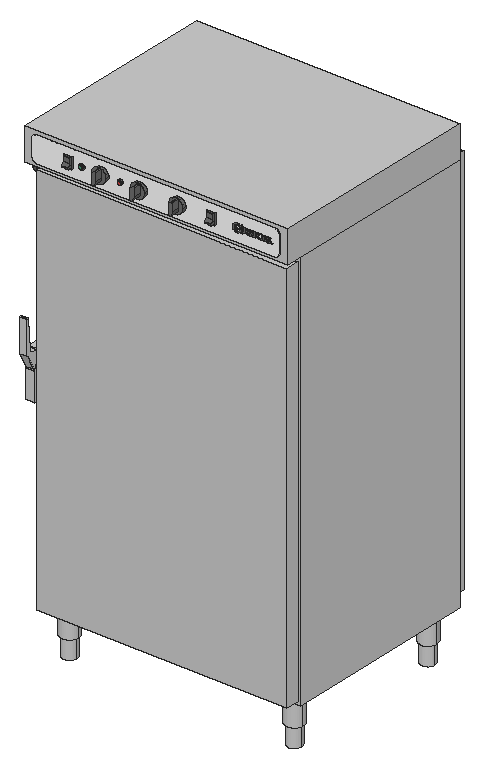
Revit family "QF_GIORIK_GR1411M_GR1411E_GR1411P", category Specialty Equipment, Revit 2014 (continued)
Automatic sketch dimensions
  Extrusion 8 sketch curve to Extrusion 8 sketch curve = 2.507 mm
  Extrusion 8 sketch curve to Extrusion 8 sketch curve = 1.366 mm
  Extrusion 8 sketch curve to plane 6 "Top" = 40.517 mm
  Extrusion 8 sketch curve to Extrusion 8 sketch curve = 4.893 mm
  Extrusion 8 sketch curve to Extrusion 8 sketch curve = 6.586 mm
  Extrusion 8 sketch curve to Extrusion 8 sketch curve = 2.154 mm
  Extrusion 8 sketch curve to Extrusion 8 sketch curve = 2.256 mm
  Extrusion 8 sketch curve to Extrusion 8 sketch curve = 0.578 mm
  Extrusion 8 sketch curve to Extrusion 8 sketch curve = 1.392 mm
  Extrusion 8 sketch curve to Extrusion 8 sketch curve = 1.974 mm
  Extrusion 8 sketch curve to Extrusion 8 sketch curve = 1.347 mm
  Extrusion 8 sketch curve to Extrusion 8 sketch curve = 1.469 mm
  Extrusion 8 sketch curve to Extrusion 8 sketch curve = 4.081 mm
  Extrusion 8 sketch curve to Extrusion 8 sketch curve = 3.564 mm
  Extrusion 8 sketch curve to Extrusion 8 sketch curve = 3.242 mm
  Extrusion 8 sketch curve to Extrusion 8 sketch curve = 0.899 mm
  Extrusion 8 sketch curve to Extrusion 8 sketch curve = 1.294 mm
  Extrusion 8 sketch curve to Extrusion 8 sketch curve = 15.009 mm
  Extrusion 8 sketch curve to Extrusion 8 sketch curve = 2.344 mm  (x8)
  Extrusion 8 sketch curve to Extrusion 8 sketch curve = 1 mm
  Extrusion 8 sketch curve to Extrusion 8 sketch curve = 1.461 mm
  Extrusion 8 sketch curve to Extrusion 8 sketch curve = 1.786 mm
  Extrusion 8 sketch curve to Extrusion 8 sketch curve = 1.919 mm
  Extrusion 8 sketch curve to Extrusion 8 sketch curve = 2.046 mm
  Extrusion 8 sketch curve to Extrusion 8 sketch curve = 1.137 mm
  Extrusion 8 sketch curve to Extrusion 8 sketch curve = 3.153 mm
  Extrusion 8 sketch curve to Extrusion 8 sketch curve = 3.783 mm
  Extrusion 8 sketch curve to Extrusion 8 sketch curve = 1.816 mm  (x2)
  Extrusion 8 sketch curve to Extrusion 8 sketch curve = 1.67 mm
  Extrusion 8 sketch curve to Extrusion 8 sketch curve = 3.513 mm
  Extrusion 8 sketch curve to Extrusion 8 sketch curve = 2.539 mm
  Extrusion 8 sketch curve to Extrusion 8 sketch curve = 4.042 mm
  Extrusion 8 sketch curve to Extrusion 8 sketch curve = 0.806 mm
  Extrusion 8 sketch curve to Extrusion 8 sketch curve = 0.873 mm
  Extrusion 8 sketch curve to Extrusion 8 sketch curve = 4.868 mm
  Extrusion 8 sketch curve to Extrusion 8 sketch curve = 2.243 mm
  Extrusion 8 sketch curve to Extrusion 8 sketch curve = 0.326 mm
  Extrusion 8 sketch curve to Extrusion 8 sketch curve = 2.593 mm  (x3)
  Extrusion 8 sketch curve to Extrusion 8 sketch curve = 1.506 mm
  Extrusion 8 sketch curve to Extrusion 8 sketch curve = 1.887 mm
  Extrusion 8 sketch curve to Extrusion 8 sketch curve = 1.99 mm
  Extrusion 8 sketch curve to Extrusion 8 sketch curve = 2.691 mm
  Extrusion 8 sketch curve to Extrusion 8 sketch curve = 3.345 mm
  Extrusion 8 sketch curve to Extrusion 8 sketch curve = 0.743 mm
  Extrusion 8 sketch curve to Extrusion 8 sketch curve = 3.185 mm
  Extrusion 8 sketch curve to Extrusion 8 sketch curve = 4.912 mm  (x2)
  Extrusion 8 sketch curve to Extrusion 8 sketch curve = 2.294 mm
  Extrusion 8 sketch curve to Extrusion 8 sketch curve = 3.131 mm
  Extrusion 8 sketch curve to Extrusion 8 sketch curve = 0.143 mm
  Extrusion 8 sketch curve to Extrusion 8 sketch curve = 1.861 mm
  Extrusion 8 sketch curve to Extrusion 8 sketch curve = 2.054 mm
  Extrusion 8 sketch curve to Extrusion 8 sketch curve = 1.787 mm
  Extrusion 9 sketch curve to plane 6 "Top" = 50.131 mm
  plane 4 "Right" to Extrusion 9 sketch curve = 150.095 mm
  Extrusion 9 sketch curve to plane 6 "Top" = 55.131 mm
  Extrusion 9 sketch curve to Extrusion 9 sketch curve = 6 mm  (x2)
  plane 3 "Left" to Extrusion 10 sketch curve = 60 mm
  plane 1 "Back" to Extrusion 10 sketch curve = 125 mm
  plane 3 "Left" to Extrusion 11 sketch curve = 60 mm
  plane 1 "Back" to Extrusion 11 sketch curve = 125 mm
  plane 3 "Left" to Extrusion 12 sketch curve = 60 mm
  plane 8 "Front oven" to Extrusion 12 sketch curve = 51 mm
  plane 3 "Left" to Extrusion 13 sketch curve = 60 mm
  plane 8 "Front oven" to Extrusion 13 sketch curve = 51 mm
  plane 4 "Right" to Extrusion 14 sketch curve = 60 mm
  plane 1 "Back" to Extrusion 14 sketch curve = 125 mm
  plane 4 "Right" to Extrusion 15 sketch curve = 60 mm
  plane 1 "Back" to Extrusion 15 sketch curve = 125 mm
  plane 4 "Right" to Extrusion 16 sketch curve = 60 mm
  plane 8 "Front oven" to Extrusion 16 sketch curve = 51 mm
  plane 4 "Right" to Extrusion 17 sketch curve = 60 mm
  plane 8 "Front oven" to Extrusion 17 sketch curve = 51 mm
  Extrusion 18 sketch curve to plane 7 "Legs height" = 0 mm
  plane 3 "Left" to Extrusion 18 sketch curve = 50 mm
  plane 4 "Right" to Extrusion 18 sketch curve = 50 mm
  Extrusion 18 sketch curve to plane 6 "Top" = 125 mm
  Extrusion 19 sketch curve to plane 3 "Left" = 0 mm
  plane 4 "Right" to Extrusion 19 sketch curve = 0 mm
  Extrusion 19 sketch curve to plane 6 "Top" = 0 mm
  Extrusion 19 sketch curve to Extrusion 19 sketch curve = 100 mm
  Extrusion 20 sketch curve to plane 5 "Front" = 2.5 mm
  plane 5 "Front" to Extrusion 20 sketch curve = 10.5 mm
  Extrusion 20 sketch curve to plane 8 "Front oven" = 12.5 mm
  plane 7 "Legs height" to Extrusion 20 sketch curve = 587 mm
  Extrusion 20 sketch curve to Extrusion 20 sketch curve = 5 mm
  Extrusion 20 sketch curve to Extrusion 20 sketch curve = 88 mm
  Extrusion 20 sketch curve to Extrusion 20 sketch curve = 26.5 mm
  Extrusion 20 sketch curve to Extrusion 20 sketch curve = 29 mm
  Extrusion 20 sketch curve to Extrusion 20 sketch curve = 1.5 mm
  Extrusion 21 sketch curve to plane 5 "Front" = 30 mm
  Extrusion 21 sketch curve to Extrusion 21 sketch curve = 2.5 mm  (x3)
  Extrusion 21 sketch curve to Extrusion 21 sketch curve = 11.414 mm
  Extrusion 21 sketch curve to plane 5 "Front" = 9.655 mm
  Extrusion 21 sketch curve to plane 5 "Front" = 8.61 mm
  Extrusion 21 sketch curve to plane 5 "Front" = 2.5 mm
  plane 5 "Front" to Extrusion 21 sketch curve = 10.5 mm
  Extrusion 21 sketch curve to plane 6 "Top" = 670 mm
  Extrusion 21 sketch curve to Extrusion 21 sketch curve = 4.31 mm
  Extrusion 21 sketch curve to Extrusion 21 sketch curve = 22.19 mm
  Extrusion 21 sketch curve to Extrusion 21 sketch curve = 25.58 mm
  Extrusion 21 sketch curve to Extrusion 21 sketch curve = 26.716 mm
  Extrusion 21 sketch curve to Extrusion 21 sketch curve = 2.117 mm
  Extrusion 21 sketch curve to Extrusion 21 sketch curve = 9.247 mm
  Extrusion 21 sketch curve to Extrusion 21 sketch curve = 89.129 mm
  Extrusion 22 sketch curve to plane 8 "Front oven" = 0 mm
  Extrusion 22 sketch curve to plane 8 "Front oven" = 2.8 mm
  Extrusion 22 sketch curve to Extrusion 22 sketch curve = 2.8 mm
  Extrusion 22 sketch curve to plane 8 "Front oven" = 5.3 mm
  Extrusion 22 sketch curve to Extrusion 22 sketch curve = 2.5 mm  (x3)
  Extrusion 22 sketch curve to Extrusion 22 sketch curve = 2.164 mm  (x2)
  Extrusion 22 sketch curve to Extrusion 22 sketch curve = 5.036 mm
  plane 7 "Legs height" to Extrusion 22 sketch curve = 586.3 mm
  Extrusion 22 sketch curve to Extrusion 22 sketch curve = 12.316 mm
  Extrusion 22 sketch curve to Extrusion 22 sketch curve = 0.683 mm  (x2)
  Extrusion 22 sketch curve to Extrusion 22 sketch curve = 12.047 mm
  Extrusion 22 sketch curve to Extrusion 22 sketch curve = 22.316 mm
  Extrusion 23 sketch curve to plane 6 "Top" = 43.954 mm
  plane 3 "Left" to Extrusion 23 sketch curve = 247.204 mm
  Extrusion 23 sketch curve to Extrusion 23 sketch curve = 0.004 mm
  Extrusion 23 sketch curve to Extrusion 23 sketch curve = 6.312 mm  (x2)
  Extrusion 23 sketch curve to Extrusion 23 sketch curve = 1.783 mm
  Extrusion 23 sketch curve to Extrusion 23 sketch curve = 8.091 mm
  Extrusion 23 sketch curve to Extrusion 23 sketch curve = 2.709 mm  (x2)
  Extrusion 23 sketch curve to Extrusion 23 sketch curve = 6.281 mm
  Extrusion 23 sketch curve to Extrusion 23 sketch curve = 13.077 mm  (x2)
  Extrusion 24 sketch curve to plane 6 "Top" = 49.804 mm
  plane 3 "Left" to Extrusion 24 sketch curve = 240 mm
  Extrusion 25 sketch curve to plane 6 "Top" = 43.954 mm
  plane 3 "Left" to Extrusion 25 sketch curve = 367.204 mm
  Extrusion 25 sketch curve to Extrusion 25 sketch curve = 0.004 mm
  Extrusion 25 sketch curve to Extrusion 25 sketch curve = 6.312 mm  (x2)
  Extrusion 25 sketch curve to Extrusion 25 sketch curve = 1.783 mm
  Extrusion 25 sketch curve to Extrusion 25 sketch curve = 8.091 mm
  Extrusion 25 sketch curve to Extrusion 25 sketch curve = 2.709 mm  (x2)
  Extrusion 25 sketch curve to Extrusion 25 sketch curve = 6.281 mm
  Extrusion 25 sketch curve to Extrusion 25 sketch curve = 13.077 mm  (x2)
  Extrusion 26 sketch curve to plane 6 "Top" = 49.804 mm
  plane 3 "Left" to Extrusion 26 sketch curve = 360 mm
  Extrusion 27 sketch curve to plane 6 "Top" = 50 mm
  plane 3 "Left" to Extrusion 27 sketch curve = 180 mm
  Extrusion 28 sketch curve to plane 6 "Top" = 50 mm
  plane 3 "Left" to Extrusion 28 sketch curve = 300 mm
  Extrusion 29 sketch curve to plane 6 "Top" = 50 mm
  plane 3 "Left" to Extrusion 29 sketch curve = 300 mm
  Extrusion 30 sketch curve to plane 6 "Top" = 67.5 mm
  plane 3 "Left" to Extrusion 30 sketch curve = 150 mm
  Extrusion 30 sketch curve to Extrusion 30 sketch curve = 25 mm
  Extrusion 30 sketch curve to plane 6 "Top" = 32.5 mm
  Extrusion 31 sketch curve to plane 5 "Front" = 12.435 mm
  Extrusion 31 sketch curve to Extrusion 31 sketch curve = 1.813 mm
  Extrusion 31 sketch curve to plane 5 "Front" = 7 mm
  Extrusion 31 sketch curve to plane 5 "Front" = 3 mm
  Extrusion 31 sketch curve to plane 6 "Top" = 64.5 mm
  Extrusion 31 sketch curve to Extrusion 31 sketch curve = 2 mm
  Extrusion 31 sketch curve to Extrusion 31 sketch curve = 11.655 mm
  Extrusion 31 sketch curve to Extrusion 31 sketch curve = 14.5 mm
  plane 1 "Back" to Extrusion 32 sketch curve = 72.75 mm
  Extrusion 32 sketch curve to Extrusion 32 sketch curve = 7.874 mm  (x3)
  Extrusion 32 sketch curve to Extrusion 32 sketch curve = 2.002 mm  (x4)
  Extrusion 32 sketch curve to Extrusion 32 sketch curve = 15.748 mm  (x2)
  plane 7 "Legs height" to Extrusion 32 sketch curve = 731.05 mm
  Extrusion 32 sketch curve to Extrusion 32 sketch curve = 1.156 mm  (x3)
  Extrusion 32 sketch curve to Extrusion 32 sketch curve = 13.638 mm  (x4)
  Extrusion 32 sketch curve to Extrusion 32 sketch curve = 2.312 mm  (x2)
  plane 1 "Back" to Extrusion 33 sketch curve = 72.75 mm
  Extrusion 33 sketch curve to Extrusion 33 sketch curve = 7.874 mm  (x3)
  Extrusion 33 sketch curve to Extrusion 33 sketch curve = 2.002 mm  (x4)
  Extrusion 33 sketch curve to Extrusion 33 sketch curve = 15.748 mm  (x2)
  plane 7 "Legs height" to Extrusion 33 sketch curve = 731.05 mm
  Extrusion 33 sketch curve to Extrusion 33 sketch curve = 1.156 mm  (x3)
  Extrusion 33 sketch curve to Extrusion 33 sketch curve = 13.638 mm  (x4)
  Extrusion 33 sketch curve to Extrusion 33 sketch curve = 2.312 mm  (x2)
  plane 1 "Back" to Extrusion 34 sketch curve = 72.75 mm
  Extrusion 34 sketch curve to Extrusion 34 sketch curve = 7.874 mm  (x3)
  Extrusion 34 sketch curve to Extrusion 34 sketch curve = 2.002 mm  (x4)
  Extrusion 34 sketch curve to Extrusion 34 sketch curve = 15.748 mm  (x2)
  plane 7 "Legs height" to Extrusion 34 sketch curve = 731.05 mm
  Extrusion 34 sketch curve to Extrusion 34 sketch curve = 1.156 mm  (x3)
  Extrusion 34 sketch curve to Extrusion 34 sketch curve = 13.638 mm  (x4)
  Extrusion 34 sketch curve to Extrusion 34 sketch curve = 2.312 mm  (x2)
  Revolve 35 sketch curve to plane 8 "Front oven" = 0 mm  (x2)
  Revolve 35 sketch curve to plane 8 "Front oven" = 10.71 mm
  Revolve 35 sketch curve to Revolve 35 sketch curve = 0.186 mm
  Revolve 35 sketch curve to Revolve 35 sketch curve = 0.742 mm
  Revolve 35 sketch curve to Revolve 35 sketch curve = 3.081 mm
  Revolve 35 sketch curve to Revolve 35 sketch curve = 0.935 mm
  Revolve 35 sketch curve to Revolve 35 sketch curve = 8.362 mm
  plane 8 "Front oven" to Revolve 35 sketch curve = 46.511 mm
  Revolve 35 sketch curve to plane 6 "Top" = 125.457 mm
  Revolve 35 sketch curve to Revolve 35 sketch curve = 4.746 mm
  Revolve 35 sketch curve to Revolve 35 sketch curve = 8.097 mm
  Revolve 35 sketch curve to Revolve 35 sketch curve = 1.816 mm
  Revolve 35 sketch curve to Revolve 35 sketch curve = 0.564 mm
  Revolve 35 sketch curve to Revolve 35 sketch curve = 6.145 mm
  Revolve 35 sketch curve to Revolve 35 sketch curve = 0.19 mm
  Revolve 35 sketch curve to Revolve 35 sketch curve = 0 mm  (x2)
  Extrusion 36 sketch curve to plane 6 "Top" = 43.954 mm
  plane 4 "Right" to Extrusion 36 sketch curve = 332.796 mm
  Extrusion 36 sketch curve to Extrusion 36 sketch curve = 0.004 mm
  Extrusion 36 sketch curve to Extrusion 36 sketch curve = 6.312 mm  (x2)
  Extrusion 36 sketch curve to Extrusion 36 sketch curve = 1.783 mm
  Extrusion 36 sketch curve to Extrusion 36 sketch curve = 8.091 mm
  Extrusion 36 sketch curve to Extrusion 36 sketch curve = 2.709 mm  (x2)
  Extrusion 36 sketch curve to Extrusion 36 sketch curve = 6.281 mm
  Extrusion 36 sketch curve to Extrusion 36 sketch curve = 13.077 mm  (x2)
  Extrusion 37 sketch curve to plane 6 "Top" = 49.804 mm
  plane 4 "Right" to Extrusion 37 sketch curve = 340 mm
  plane 6 "Top" to Extrusion 38 sketch curve = 67.5 mm
  Extrusion 38 sketch curve to plane 4 "Right" = 250 mm
  Extrusion 38 sketch curve to Extrusion 38 sketch curve = 25 mm
  plane 6 "Top" to Extrusion 38 sketch curve = 32.5 mm
  Extrusion 39 sketch curve to plane 5 "Front" = 12.435 mm
  Extrusion 39 sketch curve to Extrusion 39 sketch curve = 1.813 mm
  Extrusion 39 sketch curve to plane 5 "Front" = 7 mm
  Extrusion 39 sketch curve to plane 5 "Front" = 3 mm
  Extrusion 39 sketch curve to plane 6 "Top" = 35.5 mm
  Extrusion 39 sketch curve to Extrusion 39 sketch curve = 14.5 mm
  Extrusion 39 sketch curve to Extrusion 39 sketch curve = 11.655 mm
  Extrusion 39 sketch curve to Extrusion 39 sketch curve = 0.845 mm
  plane 8 "Front oven" to Sweep 40 sketch curve = 225.46 mm
  plane 1 "Back" to Sweep 40 sketch curve = 10 mm
  plane 4 "Right" to Sweep 40 sketch curve = 175 mm
  plane 4 "Right" to Sweep 40 sketch curve = 380.045 mm
  Sweep 40 sketch curve to profile plane = 0 mm
  Sweep 40 sketch curve to plane 7 "Legs height" = 14 mm
  Sweep 41 sketch curve to plane 7 "Legs height" = 9.526 mm
  plane 7 "Legs height" to Sweep 41 sketch curve = 0.474 mm
  Sweep 41 sketch curve to Sweep 41 sketch curve = 10 mm
  Sweep 41 sketch curve to Sweep 41 sketch curve = 4 mm
  profile plane to Sweep 41 sketch curve = 4.474 mm
  profile plane to Sweep 41 sketch curve = 390 mm
  plane 8 "Front oven" to Sweep 42 sketch curve = 217.023 mm
  plane 4 "Right" to Sweep 42 sketch curve = 371.6 mm
  Sweep 42 sketch curve to Sweep 42 sketch curve = 27.406 mm
  Sweep 42 sketch curve to Sweep 42 sketch curve = 12.202 mm
  Sweep 42 sketch curve to profile plane = 0 mm
  Sweep 42 sketch curve to plane 7 "Legs height" = 14 mm
  plane 1 "Back" to Sweep 43 sketch curve = 79.938 mm
  Sweep 43 sketch curve to plane 6 "Top" = 55.782 mm
  Sweep 43 sketch curve to Sweep 43 sketch curve = 19.754 mm
  Sweep 43 sketch curve to Sweep 43 sketch curve = 3.129 mm
  Sweep 43 sketch curve to profile plane = 0 mm
  plane 3 "Left" to Sweep 43 sketch curve = 160 mm
  Extrusion 44 sketch curve to Extrusion 44 sketch curve = 0 mm  (x22)
  Extrusion 44 sketch curve to plane 6 "Top" = 44.5 mm
  plane 3 "Left" to Extrusion 44 sketch curve = 305 mm
  Extrusion 44 sketch curve to Extrusion 44 sketch curve = 2 mm  (x34)
  Extrusion 44 sketch curve to Extrusion 44 sketch curve = 1.474 mm
  Extrusion 44 sketch curve to Extrusion 44 sketch curve = 2.248 mm
  Extrusion 44 sketch curve to Extrusion 44 sketch curve = 2.335 mm  (x2)
  Extrusion 44 sketch curve to Extrusion 44 sketch curve = 1.658 mm  (x2)
  Extrusion 44 sketch curve to Extrusion 44 sketch curve = 2.455 mm
  Extrusion 44 sketch curve to Extrusion 44 sketch curve = 1.267 mm
  Extrusion 44 sketch curve to Extrusion 44 sketch curve = 2.654 mm
  Extrusion 44 sketch curve to plane 6 "Top" = 37.855 mm
  Extrusion 44 sketch curve to Extrusion 44 sketch curve = 2.67 mm
  Extrusion 44 sketch curve to plane 6 "Top" = 36.636 mm
  Extrusion 44 sketch curve to Extrusion 44 sketch curve = 1.218 mm
  Extrusion 44 sketch curve to Extrusion 44 sketch curve = 9.006 mm
  Extrusion 44 sketch curve to plane 6 "Top" = 41.986 mm
  Extrusion 44 sketch curve to Extrusion 44 sketch curve = 4.131 mm
  Extrusion 44 sketch curve to Extrusion 44 sketch curve = 0.927 mm
  Extrusion 44 sketch curve to Extrusion 44 sketch curve = 0.609 mm  (x2)
  Extrusion 44 sketch curve to plane 6 "Top" = 40.768 mm
  Extrusion 44 sketch curve to Extrusion 44 sketch curve = 2.659 mm  (x2)
  Extrusion 44 sketch curve to Extrusion 44 sketch curve = 6.643 mm
  Extrusion 44 sketch curve to Extrusion 44 sketch curve = 2.025 mm
  Extrusion 44 sketch curve to Extrusion 44 sketch curve = 18 mm  (x8)
  Extrusion 44 sketch curve to Extrusion 44 sketch curve = 2.349 mm
  Extrusion 44 sketch curve to Extrusion 44 sketch curve = 0.444 mm  (x2)
  Extrusion 44 sketch curve to plane 6 "Top" = 67.155 mm
  Extrusion 44 sketch curve to Extrusion 44 sketch curve = 2.311 mm
  Extrusion 44 sketch curve to Extrusion 44 sketch curve = 5.8 mm  (x2)
  Extrusion 44 sketch curve to plane 6 "Top" = 73.749 mm
  Extrusion 44 sketch curve to Extrusion 44 sketch curve = 1.282 mm
  Extrusion 44 sketch curve to Extrusion 44 sketch curve = 1.5 mm  (x4)
  Extrusion 44 sketch curve to Extrusion 44 sketch curve = 1.2 mm  (x2)
  Extrusion 44 sketch curve to plane 6 "Top" = 71.356 mm
  Extrusion 44 sketch curve to Extrusion 44 sketch curve = 1.035 mm  (x2)
  Extrusion 44 sketch curve to plane 6 "Top" = 72.138 mm
  Extrusion 44 sketch curve to Extrusion 44 sketch curve = 0.152 mm
  Extrusion 44 sketch curve to Extrusion 44 sketch curve = 0.177 mm
  Extrusion 44 sketch curve to Extrusion 44 sketch curve = 0.136 mm
  Extrusion 44 sketch curve to Extrusion 44 sketch curve = 2.103 mm
  Extrusion 44 sketch curve to plane 6 "Top" = 69.363 mm
  Extrusion 44 sketch curve to Extrusion 44 sketch curve = 0.174 mm
  Extrusion 44 sketch curve to plane 6 "Top" = 67.882 mm
  Extrusion 44 sketch curve to Extrusion 44 sketch curve = 0.195 mm
  Extrusion 44 sketch curve to Extrusion 44 sketch curve = 3.349 mm
  Extrusion 44 sketch curve to Extrusion 44 sketch curve = 1.151 mm
  Extrusion 44 sketch curve to Extrusion 44 sketch curve = 1.614 mm
  Extrusion 44 sketch curve to Extrusion 44 sketch curve = 5.293 mm
  Extrusion 44 sketch curve to Extrusion 44 sketch curve = 7 mm  (x3)
  Extrusion 44 sketch curve to plane 6 "Top" = 67.679 mm
  Extrusion 44 sketch curve to Extrusion 44 sketch curve = 3.443 mm
  Extrusion 44 sketch curve to plane 6 "Top" = 38.133 mm  (x2)
  Extrusion 44 sketch curve to Extrusion 44 sketch curve = 3.462 mm  (x2)
  Extrusion 44 sketch curve to plane 6 "Top" = 67.044 mm
  Extrusion 44 sketch curve to Extrusion 44 sketch curve = 0.552 mm
  Extrusion 44 sketch curve to plane 6 "Top" = 70.886 mm
  Extrusion 44 sketch curve to Extrusion 44 sketch curve = 1.681 mm
  Extrusion 44 sketch curve to plane 6 "Top" = 71.607 mm
  Extrusion 44 sketch curve to Extrusion 44 sketch curve = 0.433 mm
  Extrusion 44 sketch curve to plane 6 "Top" = 70.753 mm
  Extrusion 44 sketch curve to Extrusion 44 sketch curve = 0.689 mm
  Extrusion 44 sketch curve to Extrusion 44 sketch curve = 3.538 mm
  Extrusion 44 sketch curve to plane 6 "Top" = 31.429 mm
  Extrusion 44 sketch curve to plane 6 "Top" = 69.717 mm
  Extrusion 44 sketch curve to plane 6 "Top" = 70.297 mm
  Extrusion 44 sketch curve to Extrusion 44 sketch curve = 0.737 mm
  Extrusion 44 sketch curve to plane 6 "Top" = 71.549 mm
  Extrusion 44 sketch curve to Extrusion 44 sketch curve = 0.916 mm
  Extrusion 44 sketch curve to plane 6 "Top" = 68.041 mm
  Extrusion 44 sketch curve to Extrusion 44 sketch curve = 2.121 mm
  Extrusion 44 sketch curve to Extrusion 44 sketch curve = 4.142 mm
  Extrusion 44 sketch curve to Extrusion 44 sketch curve = 6.106 mm
  Extrusion 44 sketch curve to Extrusion 44 sketch curve = 16 mm  (x2)
  Extrusion 44 sketch curve to Extrusion 44 sketch curve = 3 mm  (x5)
  Extrusion 44 sketch curve to Extrusion 44 sketch curve = 4 mm  (x2)
  Extrusion 44 sketch curve to Extrusion 44 sketch curve = 6 mm  (x4)
  Extrusion 44 sketch curve to Extrusion 44 sketch curve = 2.25 mm  (x4)
  Extrusion 44 sketch curve to Extrusion 44 sketch curve = 6.25 mm  (x5)
  Extrusion 44 sketch curve to Extrusion 44 sketch curve = 26 mm
  Extrusion 44 sketch curve to Extrusion 44 sketch curve = 11 mm
  Extrusion 44 sketch curve to Extrusion 44 sketch curve = 4.5 mm  (x3)
  Extrusion 44 sketch curve to Extrusion 44 sketch curve = 9 mm
  Extrusion 44 sketch curve to Extrusion 44 sketch curve = 5 mm
  Extrusion 44 sketch curve to Extrusion 44 sketch curve = 1.1 mm
  Extrusion 44 sketch curve to Extrusion 44 sketch curve = 2.028 mm
  Extrusion 44 sketch curve to Extrusion 44 sketch curve = 2.46 mm  (x2)
  Extrusion 44 sketch curve to plane 6 "Top" = 69.626 mm
  Extrusion 44 sketch curve to Extrusion 44 sketch curve = 1.568 mm
  Extrusion 44 sketch curve to plane 6 "Top" = 64.8 mm
  Extrusion 44 sketch curve to Extrusion 44 sketch curve = 3.722 mm
  Extrusion 44 sketch curve to plane 6 "Top" = 65.707 mm
  Extrusion 44 sketch curve to Extrusion 44 sketch curve = 0.691 mm  (x2)
  Extrusion 44 sketch curve to Extrusion 44 sketch curve = 1.981 mm
  Extrusion 44 sketch curve to plane 6 "Top" = 67.766 mm
  Extrusion 44 sketch curve to Extrusion 44 sketch curve = 3.032 mm
  Extrusion 44 sketch curve to Extrusion 44 sketch curve = 5.967 mm
  Extrusion 44 sketch curve to Extrusion 44 sketch curve = 1.58 mm
  Extrusion 44 sketch curve to plane 6 "Top" = 73.635 mm
  Extrusion 44 sketch curve to Extrusion 44 sketch curve = 0.39 mm
  Extrusion 44 sketch curve to Extrusion 44 sketch curve = 1.354 mm
  Extrusion 44 sketch curve to Extrusion 44 sketch curve = 11.54 mm  (x2)
  Extrusion 44 sketch curve to Extrusion 44 sketch curve = 1.14 mm
  Extrusion 44 sketch curve to Extrusion 44 sketch curve = 1.208 mm
  Extrusion 44 sketch curve to Extrusion 44 sketch curve = 3.657 mm
  Extrusion 44 sketch curve to Extrusion 44 sketch curve = 1 mm  (x8)
  Extrusion 44 sketch curve to Extrusion 44 sketch curve = 0.5 mm  (x8)
  Extrusion 44 sketch curve to Extrusion 44 sketch curve = 1.176 mm
  Extrusion 44 sketch curve to Extrusion 44 sketch curve = 0.846 mm
  Extrusion 44 sketch curve to Extrusion 44 sketch curve = 5.487 mm  (x2)
  Extrusion 44 sketch curve to Extrusion 44 sketch curve = 0.513 mm  (x2)
  Extrusion 44 sketch curve to Extrusion 44 sketch curve = 6.953 mm
  Extrusion 44 sketch curve to Extrusion 44 sketch curve = 2.807 mm
  Extrusion 44 sketch curve to Extrusion 44 sketch curve = 2.849 mm
  Extrusion 44 sketch curve to Extrusion 44 sketch curve = 2.022 mm
  Extrusion 44 sketch curve to Extrusion 44 sketch curve = 2.064 mm
  Extrusion 44 sketch curve to Extrusion 44 sketch curve = 27.956 mm
  Extrusion 44 sketch curve to Extrusion 44 sketch curve = 5.218 mm
  Extrusion 44 sketch curve to Extrusion 44 sketch curve = 2.003 mm
  Extrusion 44 sketch curve to Extrusion 44 sketch curve = 2.865 mm
  Extrusion 44 sketch curve to Extrusion 44 sketch curve = 2.156 mm
  Extrusion 44 sketch curve to Extrusion 44 sketch curve = 2.544 mm  (x2)
  Extrusion 44 sketch curve to Extrusion 44 sketch curve = 5.393 mm
  Extrusion 44 sketch curve to Extrusion 44 sketch curve = 3.365 mm
  Extrusion 44 sketch curve to Extrusion 44 sketch curve = 3.251 mm
  Extrusion 44 sketch curve to Extrusion 44 sketch curve = 49.625 mm
  Extrusion 44 sketch curve to Extrusion 44 sketch curve = 0.7 mm
  Extrusion 44 sketch curve to Extrusion 44 sketch curve = 1.584 mm
  Extrusion 44 sketch curve to Extrusion 44 sketch curve = 2.649 mm  (x2)
  Extrusion 44 sketch curve to Extrusion 44 sketch curve = 1.063 mm
  Extrusion 44 sketch curve to Extrusion 44 sketch curve = 1.13 mm
  Extrusion 44 sketch curve to Extrusion 44 sketch curve = 0.283 mm
  Extrusion 44 sketch curve to Extrusion 44 sketch curve = 6.5 mm
  Extrusion 44 sketch curve to Extrusion 44 sketch curve = 2.302 mm
  Extrusion 44 sketch curve to Extrusion 44 sketch curve = 1.093 mm
  Extrusion 44 sketch curve to Extrusion 44 sketch curve = 1.391 mm
  Extrusion 44 sketch curve to Extrusion 44 sketch curve = 0.396 mm
  Extrusion 44 sketch curve to Extrusion 44 sketch curve = 0.255 mm
  Extrusion 44 sketch curve to Extrusion 44 sketch curve = 0.727 mm
  Extrusion 44 sketch curve to Extrusion 44 sketch curve = 2.242 mm
  Extrusion 44 sketch curve to Extrusion 44 sketch curve = 4.385 mm
  Extrusion 44 sketch curve to Extrusion 44 sketch curve = 1.021 mm
  Extrusion 44 sketch curve to Extrusion 44 sketch curve = 0.594 mm
  Extrusion 44 sketch curve to Extrusion 44 sketch curve = 1.094 mm
  Extrusion 44 sketch curve to Extrusion 44 sketch curve = 5.041 mm
  Extrusion 44 sketch curve to Extrusion 44 sketch curve = 4.746 mm
  Extrusion 44 sketch curve to Extrusion 44 sketch curve = 2.496 mm
  Extrusion 44 sketch curve to Extrusion 44 sketch curve = 13.798 mm  (x2)
  Extrusion 44 sketch curve to Extrusion 44 sketch curve = 8.367 mm
  Extrusion 44 sketch curve to Extrusion 44 sketch curve = 14.5 mm  (x3)
  Extrusion 44 sketch curve to Extrusion 44 sketch curve = 2.702 mm  (x3)
  Extrusion 44 sketch curve to Extrusion 44 sketch curve = 1.844 mm
  Extrusion 44 sketch curve to Extrusion 44 sketch curve = 2.5 mm  (x2)
  Extrusion 44 sketch curve to Extrusion 44 sketch curve = 1.254 mm  (x2)
  Extrusion 44 sketch curve to Extrusion 44 sketch curve = 1.867 mm
  Extrusion 44 sketch curve to Extrusion 44 sketch curve = 2.193 mm
  Extrusion 44 sketch curve to Extrusion 44 sketch curve = 2.344 mm
  Extrusion 44 sketch curve to Extrusion 44 sketch curve = 1.147 mm
  Extrusion 44 sketch curve to Extrusion 44 sketch curve = 3.002 mm
  Extrusion 44 sketch curve to Extrusion 44 sketch curve = 2.944 mm
  Extrusion 44 sketch curve to Extrusion 44 sketch curve = 5.807 mm
  Extrusion 44 sketch curve to Extrusion 44 sketch curve = 2.114 mm
  Extrusion 44 sketch curve to Extrusion 44 sketch curve = 11.5 mm  (x2)
  Extrusion 44 sketch curve to Extrusion 44 sketch curve = 6.136 mm
  Extrusion 44 sketch curve to Extrusion 44 sketch curve = 14 mm
  Extrusion 44 sketch curve to Extrusion 44 sketch curve = 0.929 mm
  plane 6 "Top" to Extrusion 44 sketch curve = 53.625 mm
  plane 6 "Top" to Extrusion 45 sketch curve = 67.5 mm
  Extrusion 45 sketch curve to plane 3 "Left" = 355 mm
  Extrusion 45 sketch curve to Extrusion 45 sketch curve = 25 mm
  plane 6 "Top" to Extrusion 45 sketch curve = 32.5 mm
  Extrusion 46 sketch curve to plane 5 "Front" = 12.435 mm
  Extrusion 46 sketch curve to Extrusion 46 sketch curve = 1.813 mm
  Extrusion 46 sketch curve to plane 5 "Front" = 7 mm
  Extrusion 46 sketch curve to plane 5 "Front" = 3 mm
  Extrusion 46 sketch curve to plane 6 "Top" = 35.5 mm
  Extrusion 46 sketch curve to Extrusion 46 sketch curve = 14.5 mm
  Extrusion 46 sketch curve to Extrusion 46 sketch curve = 11.655 mm
  Extrusion 46 sketch curve to Extrusion 46 sketch curve = 0.845 mm
  Extrusion 47 sketch curve to plane 6 "Top" = 25.5 mm  (x2)
  plane 3 "Left" to Extrusion 47 sketch curve = 286.5 mm
  Extrusion 47 sketch curve to Extrusion 47 sketch curve = 0 mm  (x5)
  Extrusion 47 sketch curve to Extrusion 47 sketch curve = 17 mm
  Extrusion 47 sketch curve to Extrusion 47 sketch curve = 36 mm  (x3)
  Extrusion 47 sketch curve to Extrusion 47 sketch curve = 19 mm
  Extrusion 47 sketch curve to Extrusion 47 sketch curve = 24.5 mm
  Extrusion 47 sketch curve to Extrusion 47 sketch curve = 40 mm
  Extrusion 47 sketch curve to Extrusion 47 sketch curve = 12.5 mm
  Extrusion 47 sketch curve to Extrusion 47 sketch curve = 31 mm
  Extrusion 47 sketch curve to plane 6 "Top" = 30.5 mm
  Extrusion 47 sketch curve to Extrusion 47 sketch curve = 5 mm  (x2)
  Extrusion 47 sketch curve to Extrusion 47 sketch curve = 14 mm
  Extrusion 47 sketch curve to Extrusion 47 sketch curve = 32.5 mm  (x2)
  Extrusion 47 sketch curve to Extrusion 47 sketch curve = 13.5 mm
  Extrusion 47 sketch curve to Extrusion 47 sketch curve = 22.5 mm
  Extrusion 47 sketch curve to Extrusion 47 sketch curve = 10 mm
  plane 6 "Top" to Extrusion 49 sketch curve = 67.5 mm
  Extrusion 49 sketch curve to plane 3 "Left" = 355 mm
  Extrusion 49 sketch curve to Extrusion 49 sketch curve = 25 mm
  Extrusion 49 sketch curve to Extrusion 49 sketch curve = 35 mm
  Extrusion 50 sketch curve to plane 5 "Front" = 12.435 mm
  Extrusion 50 sketch curve to Extrusion 50 sketch curve = 1.813 mm
  Extrusion 50 sketch curve to plane 5 "Front" = 7 mm
  Extrusion 50 sketch curve to plane 5 "Front" = 3 mm
  Extrusion 50 sketch curve to plane 6 "Top" = 35.5 mm
  Extrusion 50 sketch curve to Extrusion 50 sketch curve = 14.5 mm
  Extrusion 50 sketch curve to Extrusion 50 sketch curve = 11.655 mm
  Extrusion 50 sketch curve to Extrusion 50 sketch curve = 0.845 mm
  Extrusion 51 sketch curve to plane 6 "Top" = 25.5 mm
  plane 3 "Left" to Extrusion 51 sketch curve = 286.5 mm
  Extrusion 51 sketch curve to Extrusion 51 sketch curve = 0 mm  (x4)
  Extrusion 51 sketch curve to Extrusion 51 sketch curve = 17 mm
  Extrusion 51 sketch curve to Extrusion 51 sketch curve = 36 mm  (x2)
  Extrusion 51 sketch curve to Extrusion 51 sketch curve = 19 mm
  Extrusion 51 sketch curve to Extrusion 51 sketch curve = 24.5 mm
  Extrusion 51 sketch curve to Extrusion 51 sketch curve = 40 mm
  Extrusion 51 sketch curve to plane 6 "Top" = 30.5 mm
  Extrusion 51 sketch curve to Extrusion 51 sketch curve = 14 mm
  Extrusion 51 sketch curve to Extrusion 51 sketch curve = 32.5 mm  (x2)
  Extrusion 51 sketch curve to Extrusion 51 sketch curve = 13.5 mm  (x2)
  Extrusion 51 sketch curve to Extrusion 51 sketch curve = 5 mm
  Extrusion 48 sketch curve to Extrusion 48 sketch curve = 0 mm  (x11)
  Extrusion 48 sketch curve to plane 6 "Top" = 44.5 mm
  plane 3 "Left" to Extrusion 48 sketch curve = 305 mm
  Extrusion 48 sketch curve to Extrusion 48 sketch curve = 2 mm  (x25)
  Extrusion 48 sketch curve to Extrusion 48 sketch curve = 1.474 mm
  Extrusion 48 sketch curve to Extrusion 48 sketch curve = 2.248 mm
  Extrusion 48 sketch curve to Extrusion 48 sketch curve = 0.861 mm  (x2)
  Extrusion 48 sketch curve to Extrusion 48 sketch curve = 1.658 mm  (x2)
  Extrusion 48 sketch curve to Extrusion 48 sketch curve = 2.455 mm
  Extrusion 48 sketch curve to Extrusion 48 sketch curve = 1.267 mm
  Extrusion 48 sketch curve to Extrusion 48 sketch curve = 2.654 mm
  Extrusion 48 sketch curve to plane 6 "Top" = 37.855 mm
  Extrusion 48 sketch curve to Extrusion 48 sketch curve = 2.67 mm
  Extrusion 48 sketch curve to plane 6 "Top" = 36.636 mm
  Extrusion 48 sketch curve to Extrusion 48 sketch curve = 1.218 mm
  Extrusion 48 sketch curve to Extrusion 48 sketch curve = 9.006 mm
  Extrusion 48 sketch curve to plane 6 "Top" = 41.986 mm
  Extrusion 48 sketch curve to Extrusion 48 sketch curve = 4.131 mm
  Extrusion 48 sketch curve to Extrusion 48 sketch curve = 0.927 mm
  Extrusion 48 sketch curve to Extrusion 48 sketch curve = 0.609 mm  (x2)
  Extrusion 48 sketch curve to plane 6 "Top" = 40.768 mm
  Extrusion 48 sketch curve to Extrusion 48 sketch curve = 2.659 mm  (x2)
  Extrusion 48 sketch curve to Extrusion 48 sketch curve = 6.643 mm
  Extrusion 48 sketch curve to Extrusion 48 sketch curve = 2.025 mm
  Extrusion 48 sketch curve to Extrusion 48 sketch curve = 18 mm  (x6)
  Extrusion 48 sketch curve to Extrusion 48 sketch curve = 2.349 mm
  Extrusion 48 sketch curve to Extrusion 48 sketch curve = 0.444 mm  (x2)
  Extrusion 48 sketch curve to Extrusion 48 sketch curve = 2.311 mm
  Extrusion 48 sketch curve to Extrusion 48 sketch curve = 5.8 mm  (x2)
  Extrusion 48 sketch curve to Extrusion 48 sketch curve = 1.282 mm
  Extrusion 48 sketch curve to Extrusion 48 sketch curve = 1.5 mm  (x6)
  Extrusion 48 sketch curve to Extrusion 48 sketch curve = 1.2 mm  (x2)
  Extrusion 48 sketch curve to plane 6 "Top" = 71.356 mm
  Extrusion 48 sketch curve to Extrusion 48 sketch curve = 1.035 mm
  Extrusion 48 sketch curve to plane 6 "Top" = 72.138 mm
  Extrusion 48 sketch curve to Extrusion 48 sketch curve = 0.152 mm
  Extrusion 48 sketch curve to plane 6 "Top" = 73.049 mm
  Extrusion 48 sketch curve to Extrusion 48 sketch curve = 0.177 mm
  Extrusion 48 sketch curve to Extrusion 48 sketch curve = 0.136 mm
  Extrusion 48 sketch curve to plane 6 "Top" = 65.496 mm
  Extrusion 48 sketch curve to Extrusion 48 sketch curve = 2.103 mm
  Extrusion 48 sketch curve to plane 6 "Top" = 67.155 mm
  Extrusion 48 sketch curve to plane 6 "Top" = 69.363 mm
  Extrusion 48 sketch curve to Extrusion 48 sketch curve = 0.174 mm
  Extrusion 48 sketch curve to plane 6 "Top" = 67.882 mm
  Extrusion 48 sketch curve to Extrusion 48 sketch curve = 0.195 mm
  Extrusion 48 sketch curve to Extrusion 48 sketch curve = 3.349 mm
  Extrusion 48 sketch curve to Extrusion 48 sketch curve = 1.151 mm
  Extrusion 48 sketch curve to Extrusion 48 sketch curve = 1.614 mm
  Extrusion 48 sketch curve to Extrusion 48 sketch curve = 7 mm  (x3)
  Extrusion 48 sketch curve to Extrusion 48 sketch curve = 5.293 mm
  Extrusion 48 sketch curve to plane 6 "Top" = 67.679 mm
  Extrusion 48 sketch curve to Extrusion 48 sketch curve = 3.443 mm  (x2)
  Extrusion 48 sketch curve to plane 6 "Top" = 38.133 mm  (x2)
  Extrusion 48 sketch curve to Extrusion 48 sketch curve = 3.462 mm  (x2)
  Extrusion 48 sketch curve to plane 6 "Top" = 67.044 mm
  Extrusion 48 sketch curve to Extrusion 48 sketch curve = 0.552 mm
  Extrusion 48 sketch curve to plane 6 "Top" = 70.886 mm
  Extrusion 48 sketch curve to Extrusion 48 sketch curve = 1.681 mm
  Extrusion 48 sketch curve to plane 6 "Top" = 71.607 mm
  Extrusion 48 sketch curve to Extrusion 48 sketch curve = 0.433 mm
  Extrusion 48 sketch curve to plane 6 "Top" = 70.753 mm
  Extrusion 48 sketch curve to Extrusion 48 sketch curve = 0.689 mm
  Extrusion 48 sketch curve to Extrusion 48 sketch curve = 3.538 mm
  Extrusion 48 sketch curve to plane 6 "Top" = 31.429 mm
  Extrusion 48 sketch curve to plane 6 "Top" = 69.717 mm
  Extrusion 48 sketch curve to plane 6 "Top" = 70.297 mm
  Extrusion 48 sketch curve to Extrusion 48 sketch curve = 0.737 mm
  Extrusion 48 sketch curve to plane 6 "Top" = 71.549 mm
  Extrusion 48 sketch curve to Extrusion 48 sketch curve = 0.916 mm
  Extrusion 48 sketch curve to plane 6 "Top" = 68.041 mm
  Extrusion 48 sketch curve to Extrusion 48 sketch curve = 2.121 mm
  Extrusion 48 sketch curve to Extrusion 48 sketch curve = 6.106 mm
  Extrusion 48 sketch curve to Extrusion 48 sketch curve = 4.142 mm
  Extrusion 48 sketch curve to Extrusion 48 sketch curve = 16 mm
  Extrusion 48 sketch curve to Extrusion 48 sketch curve = 3 mm  (x5)
  Extrusion 48 sketch curve to Extrusion 48 sketch curve = 4 mm  (x2)
  Extrusion 48 sketch curve to Extrusion 48 sketch curve = 6 mm  (x4)
  Extrusion 48 sketch curve to Extrusion 48 sketch curve = 2.25 mm  (x4)
  Extrusion 48 sketch curve to Extrusion 48 sketch curve = 6.25 mm  (x5)
  Extrusion 48 sketch curve to Extrusion 48 sketch curve = 11 mm
  Extrusion 48 sketch curve to Extrusion 48 sketch curve = 26 mm
  Extrusion 48 sketch curve to Extrusion 48 sketch curve = 4.5 mm  (x3)
  Extrusion 48 sketch curve to Extrusion 48 sketch curve = 9 mm
  Extrusion 48 sketch curve to Extrusion 48 sketch curve = 5 mm
  Extrusion 48 sketch curve to Extrusion 48 sketch curve = 1 mm  (x6)
  Extrusion 48 sketch curve to Extrusion 48 sketch curve = 0.5 mm  (x7)
  Extrusion 48 sketch curve to Extrusion 48 sketch curve = 5.487 mm  (x2)
  Extrusion 48 sketch curve to Extrusion 48 sketch curve = 0.513 mm  (x2)
  Extrusion 48 sketch curve to Extrusion 48 sketch curve = 0.7 mm
  Extrusion 48 sketch curve to plane 6 "Top" = 74.456 mm
  Extrusion 48 sketch curve to plane 6 "Top" = 76.5 mm
  Extrusion 48 sketch curve to plane 6 "Top" = 77 mm
  Extrusion 48 sketch curve to Extrusion 48 sketch curve = 3.251 mm
  Extrusion 48 sketch curve to Extrusion 48 sketch curve = 2.544 mm  (x2)
  Extrusion 48 sketch curve to Extrusion 48 sketch curve = 5.393 mm
  Extrusion 48 sketch curve to plane 6 "Top" = 128.625 mm
  Extrusion 48 sketch curve to Extrusion 48 sketch curve = 2.649 mm  (x2)
  Extrusion 48 sketch curve to Extrusion 48 sketch curve = 1.13 mm
  Extrusion 48 sketch curve to Extrusion 48 sketch curve = 6.5 mm
  Extrusion 48 sketch curve to Extrusion 48 sketch curve = 0.283 mm
  Extrusion 48 sketch curve to Extrusion 48 sketch curve = 1.093 mm
  Extrusion 48 sketch curve to Extrusion 48 sketch curve = 1.391 mm
  Extrusion 48 sketch curve to Extrusion 48 sketch curve = 2.242 mm
  Extrusion 48 sketch curve to Extrusion 48 sketch curve = 4.385 mm
  Extrusion 48 sketch curve to Extrusion 48 sketch curve = 1.021 mm
  Extrusion 48 sketch curve to Extrusion 48 sketch curve = 0.594 mm
  Extrusion 48 sketch curve to Extrusion 48 sketch curve = 1.094 mm
  Extrusion 48 sketch curve to Extrusion 48 sketch curve = 4.679 mm
  Extrusion 48 sketch curve to Extrusion 48 sketch curve = 2.496 mm
  Extrusion 48 sketch curve to Extrusion 48 sketch curve = 13.798 mm  (x2)
  Extrusion 48 sketch curve to Extrusion 48 sketch curve = 8.367 mm
  Extrusion 48 sketch curve to Extrusion 48 sketch curve = 14.5 mm
  Extrusion 48 sketch curve to Extrusion 48 sketch curve = 2.702 mm  (x3)
  Extrusion 48 sketch curve to Extrusion 48 sketch curve = 1.867 mm
  Extrusion 48 sketch curve to Extrusion 48 sketch curve = 2.193 mm
  Extrusion 48 sketch curve to Extrusion 48 sketch curve = 1.147 mm
  Extrusion 48 sketch curve to Extrusion 48 sketch curve = 3.002 mm
  Extrusion 48 sketch curve to Extrusion 48 sketch curve = 5.807 mm
  Extrusion 48 sketch curve to Extrusion 48 sketch curve = 0.929 mm
  Extrusion 48 sketch curve to Extrusion 48 sketch curve = 14 mm
  Extrusion 48 sketch curve to Extrusion 48 sketch curve = 78.518 mm
  Extrusion 51 sketch curve to Extrusion 51 sketch curve = 43.5 mm
  radius of Extrusion 6 sketch curve = 11 mm
  radius of Extrusion 7 sketch curve = 7.5 mm
  radius of Extrusion 10 sketch curve = 22.25 mm
  radius of Extrusion 11 sketch curve = 27.5 mm
  radius of Extrusion 12 sketch curve = 22.25 mm
  radius of Extrusion 13 sketch curve = 27.5 mm
  radius of Extrusion 14 sketch curve = 22.25 mm
  radius of Extrusion 15 sketch curve = 27.5 mm
  radius of Extrusion 16 sketch curve = 22.25 mm
  radius of Extrusion 17 sketch curve = 27.5 mm
  radius of Extrusion 24 sketch curve = 22.5 mm
  radius of Extrusion 26 sketch curve = 22.5 mm
  radius of Extrusion 27 sketch curve = 5.5 mm
  radius of Extrusion 28 sketch curve = 7.5 mm
  radius of Extrusion 29 sketch curve = 5.5 mm
  radius of Extrusion 37 sketch curve = 22.5 mm
  radius of Sweep 40 sketch curve = 11 mm
  radius of Sweep 41 sketch curve = 11 mm
  radius of Sweep 42 sketch curve = 14 mm
  radius of Sweep 43 sketch curve = 25 mm
  radius of Extrusion 44 sketch curve = 1.5 mm  (x2)
  radius of Extrusion 44 sketch curve = 6 mm
  radius of Extrusion 44 sketch curve = 5.3 mm
  radius of Extrusion 47 sketch curve = 2 mm  (x11)
  radius of Extrusion 51 sketch curve = 2 mm  (x8)
  radius of Extrusion 48 sketch curve = 6 mm
  radius of Extrusion 48 sketch curve = 5.3 mm
Connectors
  electrical at (26.271, -55, 897), driven by "Number of Poles", driven by "Volts", driven by "Apparent Power"
    settings: on Extrusion 32, index 5, voltage 400 V, apparent load 0 VA, apparent load phase1 15900 VA, apparent load phase2 0 VA, apparent load phase3 0 VA, power factor 1, load classification "Other", number of poles 3, system type 31, power factor state 1, is connector primary yes, connector utility no, sub classification motor no, connector description "Electrical connection"
  piping at (790, -55, 289), diameter 19.05, driven by "Cold Water Size"
    settings: on Extrusion 6, index 6, connector inside diameter 24", connector length 0 mm, flow factor 0, pipe flow 0.0 L/s, pressure drop 0.0 kPa, fitting loss kfactor 0, connector angle 0.00°, fixture units 0, engagement length 0 mm, angle of deflection 0.00°, flow configuration 1, flow direction 1, fitting loss method 0, system type 20, joint type 0, gender type 0, connector reference index -1, connector utility 0, adjustable connector no, is connector primary yes, connector description "Cold water inlet"
  piping at (645, -10, 136), diameter 19.05, driven by "Indirect Waste Size"
    settings: on Sweep 40, index 7, connector inside diameter 24", connector length 0 mm, flow factor 0, pipe flow 0.0 L/s, pressure drop 0.0 kPa, fitting loss kfactor 0, connector angle 0.00°, fixture units 0, engagement length 0 mm, angle of deflection 0.00°, flow configuration 1, flow direction 2, fitting loss method 0, system type 16, joint type 0, gender type 0, connector reference index -1, connector utility 0, adjustable connector no, is connector primary no, connector description "Drain"
Types (4, lengths in mm): name | Programmable electronic control | Mechanical control | Model | Electronic control | Description
  (no name) | no | yes | "GR1411M" | no | "REGENERATING OVEN 14 GN 1/1 - MECHANICAL VERSION"
  GR1411M | no | yes | "GR1411M" | no | "REGENERATING OVEN 14 GN 1/1 - MECHANICAL VERSION"
  GR1411P | yes | no | "GR1411P" | no | "HOLDING CABINET-REGENERATOR 14 GN 1/1  - PROGRAMMABLE ELECTRONIC VERSION"
  GR1411E | no | no | "GR1411E" | yes | "HOLDING CABINET-REGENERATOR 14 GN 1/1 - ELECTRONIC VERSION"
